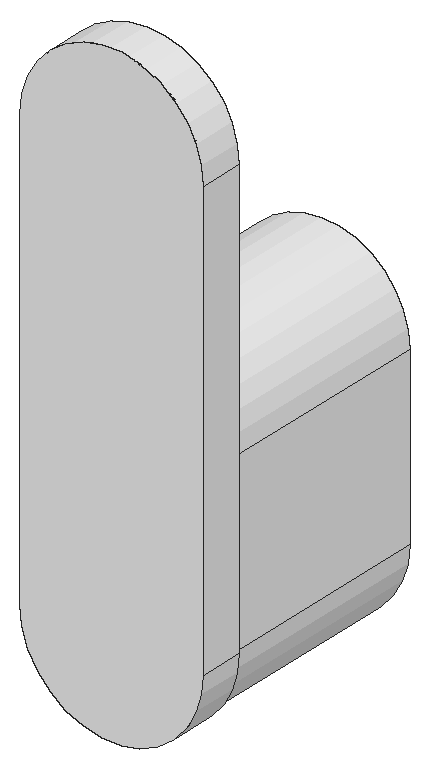
Revit family "rba-bim-rba1631-100 and rba-bim-rba1631-300", category Plumbing Fixtures, Revit 2018
Family settings
  Round Connector Dimension = Use Diameter
  Part Type = Normal
  Work Plane-Based = No
  Always vertical = No
  Cut with Voids When Loaded = No
  Shared = Yes
  Room Calculation Point = No
Parameters (values of type "RBA1631-100")
  Watermarked By = "www.rba.com.au"
  Waste Connection = yes
  Vent Connection = yes
  URL = ""
  Phone Number = ""
  Modified Issue = "20220519.01"
  Model = "RBA1631-100"
  Materials and Finishes = Heavy Duty Brass in a Bright Chrome Finish
  Manufacturer Model = ""
  Manufacturer = "RBA Group"  # constant formula
  Logo White = no
  Logo Black = yes
  HW Connection = yes
  Description = "ōken Robe Hook"
  Copyright by = "RBA Group"  # constant formula
  CW Connection = yes
Types (2, lengths in mm): name | Modified Issue | Model | Materials and Finishes | Logo White | Logo Black
  RBA1631-100 | "20220519.01" | "RBA1631-100" | Heavy Duty Brass in a Bright Chrome Finish | no | yes
  RBA1631-300 | "20190924.01" | "RBA1631-300" | Heavy Duty Brass in a Matte Black Finish | yes | no
Reference planes
  plane 1 "Center (Front/Back)": y = 0
  plane 2: z = 0
  plane 3 "Center (Left/Right)": x = 0
  plane 4: z = 71
  plane 5: z = 0.5
  plane 6: z = 40.5
Forms (mm)
  Extrusion 1, solid, material "Heavy Duty Brass in a Bright Chrome Finish" <- "Materials and Finishes"
    sketch origin (0, -30, 35.5) x (0, 0, 1) y (1, 0, 0)
      loop
        arc (25, -10.5) -> (35.5, 0) -> (25, 10.5) r 10.5
        line (25, 10.5) -> (-25, 10.5)
        arc (-25, 10.5) -> (-35.5, 0) -> (-25, -10.5) r 10.5
        line (-25, -10.5) -> (25, -10.5)
    from 0 to 5
  Extrusion 2, solid, material "Heavy Duty Brass in a Bright Chrome Finish" <- "Materials and Finishes"
    sketch origin (0, -30, 35.5) x (0, 0, 1) y (1, 0, 0)
      loop
        arc (-5, -10) -> (5, 0) -> (-5, 10) r 10
        line (-5, 10) -> (-25, 10)
        arc (-25, 10) -> (-35, 0) -> (-25, -10) r 10
        line (-25, -10) -> (-5, -10)
    from 5 to 30
Dimensions and locks
  aligned and locked: plane 2 to level
